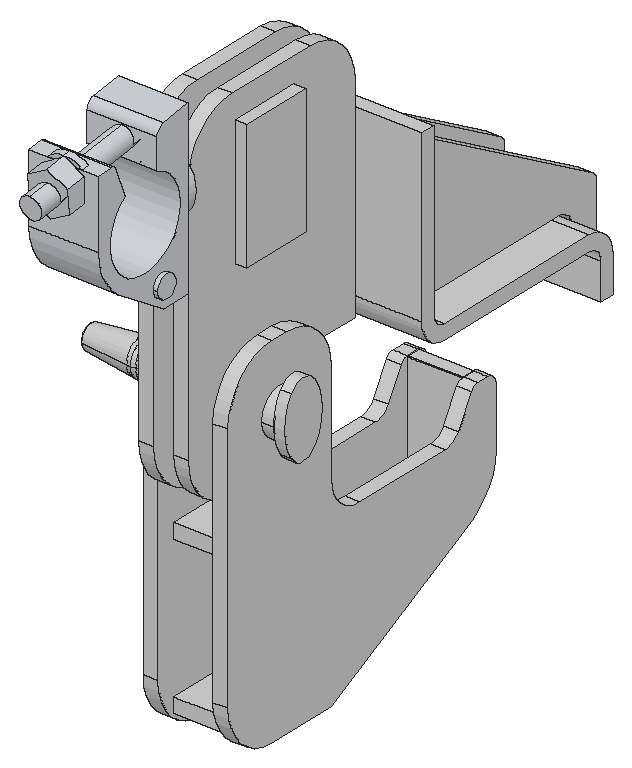
Revit family "ORMA_FIXING ORMA DU-MK-120_1908934", category Generic Models, Revit 2018
Family settings
  Can host rebar = No
  Round Connector Dimension = Use Diameter
  Part Type = Normal
  OmniClass Number = 35.51.14.00
  OmniClass Title = FORMWORK
  Work Plane-Based = Yes
  Always vertical = No
  Cut with Voids When Loaded = No
  Shared = Yes
  Room Calculation Point = No
Parameters
  VERSION = "20170217"  # constant formula
  URL = "www.ulmaconstruction.com/en"
  UNICLASS = ""
  Manufacturer = "ULMA CONSTRUCTION"  # constant formula
  ITEM_CODE = "1908934"
  FILTER [instance] = ""
  Default Elevation = 0.000 mm
  CLASSIFICATION_TITLE = ""
  CLASSIFICATION_NUMBER = ""
Reference planes
  plane 1 "Centro (Frontal/Posterior)": y = 0
  plane 2: z = 0
  plane 3 "Centro (Izquierda/Derecha)": x = 0
  plane 4: y = -110
Forms (mm)
  Extrusion 1, solid, material "ULMA ZINC"
    sketch origin (0, 0, 0) x (0, 1, 0) y (0, 0, 1)
      loop
        line (11, 108) -> (3, 108) -> (3, 16)
        arc (3, 16) -> (7.686, 4.686) -> (19, 0) r 16
        line (19, 0) -> (117, 0)
        arc (117, 0) -> (122.657, -2.343) -> (125, -8) r 8
        line (125, -8) -> (125, -28) -> (133, -28) -> (133, -8)
        arc (133, -8) -> (128.314, 3.314) -> (117, 8) r 16
        line (117, 8) -> (19, 8)
        arc (19, 8) -> (13.343, 10.343) -> (11, 16) r 8
        line (11, 16) -> (11, 108)
    from -50 to 50
  Extrusion 2, solid, material "ULMA ZINC"
    sketch origin (0, 0, 0) x (0, 1, 0) y (0, 0, 1)
      loop
        line (133, -4) -> (133, -28) -> (148, -28) -> (148, 14.148)
        arc (148, 14.148) -> (147.343, 16.625) -> (145.545, 18.452) r 5
        line (145.545, 18.452) -> (11, 98) -> (11, 28) -> (31, 8) -> (121, 8)
        arc (121, 8) -> (129.485, 4.485) -> (133, -4) r 12
    from -29 to -21
  Extrusion 3, solid, material "ULMA ZINC"
    sketch origin (50, 0, 0) x (0, 1, 0) y (0, 0, 1)
      loop
        line (133, -4) -> (133, -28) -> (148, -28) -> (148, 14.148)
        arc (148, 14.148) -> (147.343, 16.625) -> (145.545, 18.452) r 5
        line (145.545, 18.452) -> (11, 98) -> (11, 28) -> (31, 8) -> (121, 8)
        arc (121, 8) -> (129.485, 4.485) -> (133, -4) r 12
    from -29 to -21
  Extrusion 4, solid, material "ULMA ZINC"
    sketch origin (0, 0, 0) x (0, 1, 0) y (0, 0, 1)
      loop
        line (-110, 121) -> (-110, -15)
        arc (-110, -15) -> (-105.981, -30) -> (-95, -40.981) r 30
        arc (-95, -40.981) -> (-87.765, -43.978) -> (-80, -45) r 30
        line (-80, -45) -> (-55, -45)
        arc (-55, -45) -> (-33.787, -36.213) -> (-25, -15) r 30
        line (-25, -15) -> (-25, -5)
        arc (-25, -5) -> (-22.071, 2.071) -> (-15, 5) r 10
        line (-15, 5) -> (3, 5) -> (3, 16) -> (3, 108) -> (3, 121)
        arc (3, 121) -> (-5.787, 142.213) -> (-27, 151) r 30
        line (-27, 151) -> (-80, 151)
        arc (-80, 151) -> (-101.213, 142.213) -> (-110, 121) r 30
    from -13.5 to -5.5
  Extrusion 5, solid, material "ULMA ZINC"
    sketch origin (19, 0, 0) x (0, 1, 0) y (0, 0, 1)
      loop
        line (-110, 121) -> (-110, -15)
        arc (-110, -15) -> (-105.981, -30) -> (-95, -40.981) r 30
        arc (-95, -40.981) -> (-87.765, -43.978) -> (-80, -45) r 30
        line (-80, -45) -> (-55, -45)
        arc (-55, -45) -> (-33.787, -36.213) -> (-25, -15) r 30
        line (-25, -15) -> (-25, -5)
        arc (-25, -5) -> (-22.071, 2.071) -> (-15, 5) r 10
        line (-15, 5) -> (3, 5) -> (3, 16) -> (3, 108) -> (3, 121)
        arc (3, 121) -> (-5.787, 142.213) -> (-27, 151) r 30
        line (-27, 151) -> (-80, 151)
        arc (-80, 151) -> (-101.213, 142.213) -> (-110, 121) r 30
    from -13.5 to -5.5
  Extrusion 6, solid, material "ULMA ZINC", detail levels fine
    sketch origin (0, 0, 0) x (0, 1, 0) y (0, 0, 1)
      loop
        line (-80, 68.5) -> (-40, 68.5) -> (-40, 138.5) -> (-80, 138.5) -> (-80, 68.5)
    from -21.5 to -15
  Extrusion 7, solid, material "ULMA ZINC", detail levels fine
    sketch origin (36.5, 0, 0) x (0, 1, 0) y (0, 0, 1)
      loop
        line (-80, 68.5) -> (-40, 68.5) -> (-40, 138.5) -> (-80, 138.5) -> (-80, 68.5)
    from -21.5 to -15
  Extrusion 8, solid, material "ULMA ZINC"
    sketch origin (0, 0, 0) x (0, 1, 0) y (0, 0, 1)
      loop
        line (53.226, -78) -> (-5, -78)
        arc (-5, -78) -> (-19.142, -72.142) -> (-25, -58) r 20
        line (-25, -58) -> (-25, -3)
        arc (-25, -3) -> (-33.787, 18.213) -> (-55, 27) r 30
        line (-55, 27) -> (-65, 27)
        arc (-65, 27) -> (-86.213, 18.213) -> (-95, -3) r 30
        line (-95, -3) -> (-95, -139)
        arc (-95, -139) -> (-86.213, -160.213) -> (-65, -169) r 30
        line (-65, -169) -> (-25, -169) -> (70.62, -120.279)
        arc (70.62, -120.279) -> (82.579, -109.224) -> (87, -93.549) r 30
        line (87, -93.549) -> (87, -60)
        arc (87, -60) -> (85.536, -56.464) -> (82, -55) r 5
        line (82, -55) -> (75.166, -55)
        arc (75.166, -55) -> (72.666, -55.67) -> (70.836, -57.5) r 5
        line (70.836, -57.5) -> (61.887, -73)
        arc (61.887, -73) -> (58.226, -76.66) -> (53.226, -78) r 10
    from -23 to -15
  Extrusion 9, solid, material "ULMA ZINC"
    sketch origin (38, 0, 0) x (0, 1, 0) y (0, 0, 1)
      loop
        line (53.226, -78) -> (-5, -78)
        arc (-5, -78) -> (-19.142, -72.142) -> (-25, -58) r 20
        line (-25, -58) -> (-25, -3)
        arc (-25, -3) -> (-33.787, 18.213) -> (-55, 27) r 30
        line (-55, 27) -> (-65, 27)
        arc (-65, 27) -> (-86.213, 18.213) -> (-95, -3) r 30
        line (-95, -3) -> (-95, -139)
        arc (-95, -139) -> (-86.213, -160.213) -> (-65, -169) r 30
        line (-65, -169) -> (-25, -169) -> (70.62, -120.279)
        arc (70.62, -120.279) -> (82.579, -109.224) -> (87, -93.549) r 30
        line (87, -93.549) -> (87, -60)
        arc (87, -60) -> (85.536, -56.464) -> (82, -55) r 5
        line (82, -55) -> (75.166, -55)
        arc (75.166, -55) -> (72.666, -55.67) -> (70.836, -57.5) r 5
        line (70.836, -57.5) -> (61.887, -73)
        arc (61.887, -73) -> (58.226, -76.66) -> (53.226, -78) r 10
    from -23 to -15
  Extrusion 10, solid, material "ULMA ZINC"
    sketch origin (0, 0, 0) x (0, 1, 0) y (0, 0, 1)
      loop
        line (-85, -66) -> (-85, -74) -> (-35, -74) -> (-35, -66) -> (-85, -66)
      loop
        line (-35, -151) -> (-85, -151) -> (-85, -159) -> (-35, -159) -> (-35, -151)
      loop
        line (74, -105) -> (82, -105) -> (82, -55) -> (75.166, -55) -> (74, -55) -> (74, -105)
    from -15 to 15
  Extrusion 11, solid, material "ULMA ZINC", detail levels fine
    sketch origin (0, 0, 0) x (0, 1, 0) y (0, 0, 1)
      loop
        circle (-60, -9) r 12.5
    from 23 to 30
  Extrusion 12, solid, material "ULMA ZINC", detail levels fine
    sketch origin (0, 0, 0) x (0, 1, 0) y (0, 0, 1)
      loop
        arc (-67.885, 6.988) -> (-72.5, -9) -> (-67.885, -24.988) r 30
        arc (-67.885, -24.988) -> (-60.012, -29.34) -> (-52.128, -25.008) r 9.318
        arc (-52.128, -25.008) -> (-47.502, -8.882) -> (-52.257, 7.206) r 30
        arc (-52.257, 7.206) -> (-60.13, 11.339) -> (-67.885, 6.988) r 9.318
    from 30 to 36
  Revolve 13, solid, material "ULMA ZINC", detail levels fine
    sketch origin (0, 0, -9) x (1, 0, 0) y (0, 1, 0)
      loop
        line (-80, -60) -> (23, -60) -> (23, -50.125) -> (5.5, -50.125) -> (-5.5, -50.125) -> (-23, -50.125) -> (-47.5, -50.125) -> (-50, -50.125) -> (-52.5, -50.415) -> (-79.112, -53.5)
        arc (-79.112, -53.5) -> (-79.746, -53.829) -> (-80, -54.497) r 1.004
        line (-80, -54.497) -> (-80, -60)
      axis (-80, -60) -> (23, -60)
    angle from 0 to 360
  Sweep 14, solid, material "ULMA ZINC", detail levels fine
    path origin (0, 0, 0) x (0, 1, 0) y (0, 0, 1)
      loop
        line (-44.5, -49) -> (-50.318, -34.6)
        arc (-50.318, -34.6) -> (-50.497, -33.533) -> (-50.207, -32.49) r 2.5
        line (-50.207, -32.49) -> (-42.314, -17.644)
        arc (-42.314, -17.644) -> (-42.021, -16.47) -> (-42.314, -15.297) r 2.5
        line (-42.314, -15.297) -> (-50.207, -0.451)
        arc (-50.207, -0.451) -> (-50.443, 1.254) -> (-49.522, 2.707) r 2.5
        line (-49.522, 2.707) -> (-40.695, 9.48)
        arc (-40.695, 9.48) -> (-36.637, 22.857) -> (-48, 31) r 12
        arc (-48, 31) -> (-56.485, 27.485) -> (-60, 19) r 12
        line (-60, 19) -> (-60, -51)
    profile origin (0, -60, -16) x (1, 0, 0) y (0, 1, 0)
      loop
        circle (-50, 0) r 2.41
Lines and regions (mm)
  model lines, style "ULMA WORKING PLATFORMS", detail levels fine
    curve 1: arc (21.5, -49.5, 116) -> (21.5, -60, 126.5) -> (21.5, -70.5, 116) r 10.5
    curve 2: line (21.5, -70.5, 116) -> (21.5, -70.5, 91)
    curve 3: arc (21.5, -70.5, 91) -> (21.5, -60, 80.5) -> (21.5, -49.5, 91) r 10.5
    curve 4: line (21.5, -49.5, 91) -> (21.5, -49.5, 116)
    curve 5: arc (-21.5, -49.5, 116) -> (-21.5, -60, 126.5) -> (-21.5, -70.5, 116) r 10.5
    curve 6: line (-21.5, -70.5, 116) -> (-21.5, -70.5, 91)
    curve 7: arc (-21.5, -70.5, 91) -> (-21.5, -60, 80.5) -> (-21.5, -49.5, 91) r 10.5
    curve 8: line (-21.5, -49.5, 91) -> (-21.5, -49.5, 116)
    curve 9: line (-23, -49.5, -134) -> (-23, -49.5, -109)
    curve 10: arc (-23, -49.5, -109) -> (-23, -60, -98.5) -> (-23, -70.5, -109) r 10.5
    curve 11: line (-23, -70.5, -109) -> (-23, -70.5, -134)
    curve 12: arc (-23, -70.5, -134) -> (-23, -60, -144.5) -> (-23, -49.5, -134) r 10.5
    curve 13: line (23, -49.5, -134) -> (23, -49.5, -109)
    curve 14: arc (23, -49.5, -109) -> (23, -60, -98.5) -> (23, -70.5, -109) r 10.5
    curve 15: line (23, -70.5, -109) -> (23, -70.5, -134)
    curve 16: arc (23, -70.5, -134) -> (23, -60, -144.5) -> (23, -49.5, -134) r 10.5
    curve 17: circle (-23, -60, -9) r 10.5 normal (1, 0, 0)
    curve 18: circle (23, -60, -9) r 10.5 normal (1, 0, 0)
Dimensions and locks
  aligned and locked: level to plane 2
Nested families
  nested 1: "SEMIABRAZADERA D48 - 2125442_WORKING PLATFORMS" at (0, -110, 118) x (0, 1, 0) z (1, 0, 0), type "SEMIABRAZADERA D48 - 2125442_WORKING PLATFORMS"
Definition of nested family "SEMIABRAZADERA D48 - 2125442_WORKING PLATFORMS"
  Parameters (values of type "SEMIABRAZADERA D48 - 2125442_WORKING PLATFORMS")
    VERSION = "20170217"  # constant formula
    Model = ""
    Manufacturer = "ULMA CONSTRUCTION"  # constant formula
    Default Elevation = 0.000 mm
  Reference planes
    plane 1 "Centro (Frontal/Posterior)": y = 0
    plane 2: z = 0
    plane 3 "Centro (Izquierda/Derecha)": x = 0
    plane 4 "Plano Tornillo": through (-60.806, 41.119, 1200) normal (0.9925, 0.1219, 0)
    plane 5 "CENTER": x = -36.3
  Forms (mm)
    Extrusion 1, solid, detail levels fine
      sketch origin (4230.9, -541.261, 182) x (0, -1, 0) y (1, 0, 0)
        loop
          line (-587.61, -4237.9) -> (-585.223, -4254.883)
          arc (-585.223, -4254.883) -> (-583.552, -4257.961) -> (-580.272, -4259.187) r 5
          line (-580.272, -4259.187) -> (-564.043, -4259.187)
          arc (-564.043, -4259.187) -> (-517.353, -4263.79) -> (-560.895, -4281.262) r 24.15
          line (-560.895, -4281.262) -> (-577.903, -4288.134)
          arc (-577.903, -4288.134) -> (-578.877, -4288.973) -> (-579.139, -4290.232) r 2
          line (-579.139, -4290.232) -> (-578.099, -4298.704) -> (-541.261, -4298.704)
          arc (-541.261, -4298.704) -> (-526.385, -4295.208) -> (-514.987, -4285.029) r 31
          line (-514.987, -4285.029) -> (-494.547, -4254.687) -> (-494.547, -4237.9) -> (-587.61, -4237.9)
      from -201 to -163
    Extrusion 2, solid, detail levels fine
      sketch origin (4239.482, -541.261, 182) x (0, -1, 0) y (1, 0, 0)
        loop
          circle (-507.261, -4264.782) r 6
      from -163 to -160
    Extrusion 3, solid, detail levels fine
      sketch origin (4239.482, -541.261, 141) x (0, -1, 0) y (1, 0, 0)
        loop
          circle (-507.261, -4264.782) r 6
      from -163 to -160
    Extrusion 4, solid, detail levels fine
      sketch origin (-55.331, -3.476, 0) x (-0.121869, 0.992546, 0) y (0, 0, 1)
        loop
          line (26.082, 11) -> (19.732, 0) -> (26.082, -11) -> (38.784, -11) -> (45.135, 0) -> (38.784, 11) -> (26.082, 11)
      from -18.924 to -6.924
    Extrusion 5, solid, detail levels fine
      sketch origin (-55.211, -4.455, 0) x (-0.121869, 0.992546, 0) y (0, 0, 1)
        loop
          circle (33.42, 0) r 13
      from -6.924 to -2.924
    Extrusion 6, solid, detail levels fine
      sketch origin (-55.191, -4.614, 0) x (-0.121869, 0.992546, 0) y (0, 0, 1)
        loop
          circle (33.579, 0) r 6
      from -31.18 to 45.825
    Extrusion 7, solid, detail levels fine
      sketch origin (0, 0, 0) x (0, 1, 0) y (0, 0, 1)
        loop
          circle (0, 0) r 17.5
      from -7 to 0
    Revolve 8, solid, detail levels coarse+medium
      sketch origin (0, 0, 0) x (1, 0, 0) y (0, 1, 0)
        loop
          arc (0, 0) -> (-36.3, 36.3) -> (-72.6, 0) r 36.3
          line (-72.6, 0) -> (0, 0)
        axis (-72.6, 0) -> (0, 0)
      angle from 0 to 360
  Lines and regions (mm)
    model lines, detail levels fine
      curve 1: circle (-36.3, 0, 0) r 27.5 normal (0, 0, 1)
    reference lines
      curve 2: line (-13.8, 34.3, 0) -> (-59.283, 28.715, 0)
  Dimensions and locks
    locked: plane 5 "CENTER" to plane 3 "Centro (Izquierda/Derecha)" at 36.3
    aligned and locked: Extrusion 7 to Extrusion 1
    aligned and locked: plane 3 "Centro (Izquierda/Derecha)" to Extrusion 7
    aligned and locked: Extrusion 4 to Extrusion 5
